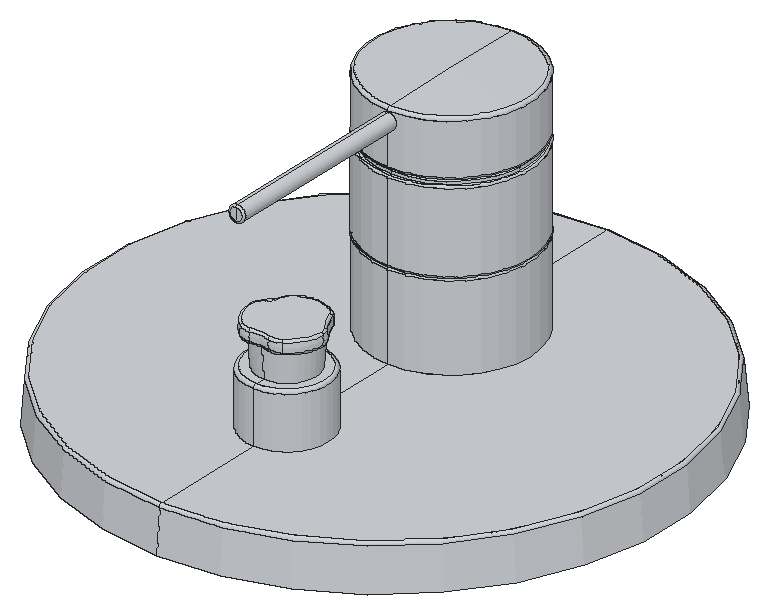
Revit family "Shower-Valve_Trim-KOHLER-Components-K-78019IN", category Specialty Equipment, host Face, Revit 2017
Family settings
  Host = Face
  Round Connector Dimension = Use Diameter
  Part Type = Normal
  OmniClass Number = 23.31.25.00
  OmniClass Title = Toilet and Bath Specialties
  Cut with Voids When Loaded = No
  Shared = No
  Room Calculation Point = No
Parameters (values of type "CP-Polished Chrome")
  Width = 7 11/128"  # constant formula
  WaterSense Certified = 1 = 0  # no
  URL = "https://www.kohler.co.in/"
  Type = 1
  Product Page URL = "https://www.kohler.co.in/product-detail/78019in-4a?skuid=K-78019IN-4A-CP"
  Product Name = "Components"  # constant formula
  Product Documentation Link = ""
  Model = "K-78019IN-4A-CP"  # constant formula
  Material = "Premium Metal Construction"  # constant formula
  Master Format 2014 Name = "Toilet, Bath, and Laundry Accessories"  # constant formula
  Master Format 2014 = "10 28 00"  # constant formula
  Manufacturer Address = "Ambience Office Tower NH-8 Gurgaon / Gurugram Haryana , 122001"  # constant formula
  Manufacturer = "Kohler Co."  # constant formula
  Length = 7 11/128"  # constant formula
  Height = 3 7/16"  # constant formula
  Finish = Kohler-Metal-CP-Polished_Chrome
  Environmental Product Declaration = ""
  Description = "Recessed bath and shower faucet trim in Polished Chrome"  # constant formula
  Default Elevation = 42"
  Declare Label = ""
  Date Modified = "10/22/2020"  # constant formula
  Date Created = "10/22/2020"  # constant formula
  Copyright = "Copyright KOHLER Co."  # constant formula
  Contact Us = "https://www.kohler.co.in/contact-us"
  Assembly Code = "C1030200"
  ADA Compliant = 1 = 0  # no
Reference planes (in)
  plane 1 "Center (Front/Back)": y = 0
  plane 2: z = 0
  plane 3 "Center (Left/Right)": x = 0
  plane 4: y = 3.5433071
  plane 5: y = -3.5426304
  plane 6: x = 3.5433071
  plane 7: x = -3.5426304
  plane 8: y = -2.3031497
  plane 9: y = 1.043307
  plane 10: z = 3.4375
Dimensions and locks (in)
  "Width": plane 7 to plane 6
  "Length": plane 5 to plane 4
  plane 8 to plane 9 = 3.34646"
  "Height": level to plane 10
  aligned and locked: plane 2 to host face
  aligned and locked: level to host face
Automatic sketch dimensions
  host sketch curve to host sketch curve = 96"  (x2)
Nested families (in)
  nested 1: "K-78019IN" at (0, 0, 0), type "K-78019IN"
Definition of nested family "K-78019IN"
  Parameters (values of type "K-78019IN")
    Material = none
  Reference planes (in)
    plane 1 "Center (Front/Back)": y = 0
    plane 2: z = 0
    plane 3 "Center (Left/Right)": x = 0
    plane 4: y = 3.5433071
    plane 5: y = -3.5433071
    plane 6: y = 1.043307
    plane 7: y = -1.5157481
    plane 8: z = 3.4370339
    plane 9: z = 3.2598425
    plane 10: y = -2.3031497
    plane 11: y = 2.027559
    plane 12: z = 0.5511811
    plane 13: z = 1.7609088
    plane 14: x = -3.5433071
    plane 15: x = -0.984252
    plane 16: x = -0.511811
    plane 17: x = 3.5433071
    plane 18: x = 0.984252
    plane 19: x = 0.511811
    plane 20: y = -1.0039371
    plane 21: y = -2.0275591
    plane 22: z = -1.5629921
    plane 23: y = 0.8450109
  Forms (in)
    Revolve 1, solid, material <- "Material", detail levels medium+fine
      sketch origin (0, 0, 0) x (0, 1, 0) y (0, 0, 1)
        loop
          line (0, 0.5511811) -> (0, 0) -> (3.5433071, 0) -> (3.4982292, 0.5152424)
          arc (3.4982292, 0.5152424) -> (3.485607, 0.5408377) -> (3.459009, 0.5511811) r 0.0393701
          line (3.459009, 0.5511811) -> (0, 0.5511811)
        axis (0, 0) -> (0, 0.5511811)
      angle from 0 to 360
    Revolve 2, solid, material <- "Material", detail levels medium+fine
      sketch origin (0, 0, 0) x (0, 1, 0) y (0, 0, 1)
        loop
          arc (-2.2834646, 3.3580214) -> (-2.2973841, 3.3522558) -> (-2.3031497, 3.3383364) r 0.019685
          line (-2.3031497, 3.3383364) -> (-2.3031497, 3.2598425) -> (0.7887519, 3.2598425) -> (0.7887519, 3.3580214) -> (-2.2834646, 3.3580214)
        axis (0.7887519, 3.2598425) -> (-2.3031497, 3.2598425)
      angle from 0 to 360
    Revolve 3, solid, material <- "Material", detail levels medium+fine
      sketch origin (0, 0, 0) x (0, 1, 0) y (0, 0, 1)
        loop
          line (1.043307, 0.2801195) -> (2.027559, 0.2801195) -> (2.027559, 1.6013197)
          arc (2.027559, 1.6013197) -> (2.022537, 1.6159143) -> (2.0095977, 1.6243285) r 0.023718
          arc (2.0095977, 1.6243285) -> (2.0225024, 1.6321887) -> (2.027559, 1.6464275) r 0.0225756
          line (2.027559, 1.6464275) -> (2.027559, 2.6269113)
          arc (2.027559, 2.6269113) -> (2.0217891, 2.6408409) -> (2.0078595, 2.6466108) r 0.0196995
          line (2.0078595, 2.6466108) -> (1.9754087, 2.6466108) -> (1.9754087, 2.6793038) -> (1.9423291, 2.7283465) -> (2.0078739, 2.7283465)
          arc (2.0078739, 2.7283465) -> (2.0217934, 2.7341121) -> (2.027559, 2.7480315) r 0.019685
          line (2.027559, 2.7480315) -> (2.027559, 3.3773582)
          arc (2.027559, 3.3773582) -> (2.0165896, 3.4046237) -> (1.9897941, 3.4166956) r 0.0393701
          arc (1.9897941, 3.4166956) -> (1.516649, 3.4311725) -> (1.043307, 3.4359988) r 23.2140665
          line (1.043307, 3.4359988) -> (1.043307, 0.2801195)
        axis (1.043307, 0.2801195) -> (1.043307, 3.4359988)
      angle from 0 to 360
    Sweep 4, solid, material <- "Material", detail levels medium+fine
      path origin (-0.7300837, -0.1417976, 1.7609088) x (-0.469472, 0.882948, 0) y (-0.882948, -0.469472, 0)
        loop
          arc (-1.3669909, 0.3654727) -> (-1.5505991, 0.4103862) -> (-1.7352831, 0.3701244) r 0.4194451
          arc (-1.7352831, 0.3701244) -> (-1.7736595, 0.3411144) -> (-1.7972606, 0.299194) r 0.117952
          arc (-1.7972606, 0.299194) -> (-1.8517006, 0.174545) -> (-1.930791, 0.0638842) r 0.6527611
          arc (-1.930791, 0.0638842) -> (-1.9590282, 0.0140109) -> (-1.964506, -0.043039) r 0.1376414
          arc (-1.964506, -0.043039) -> (-1.9017453, -0.2210795) -> (-1.7678171, -0.3541231) r 0.4232496
          arc (-1.7678171, -0.3541231) -> (-1.7368926, -0.3661809) -> (-1.7037005, -0.366213) r 0.0900273
          arc (-1.7037005, -0.366213) -> (-1.554952, -0.3524267) -> (-1.4061926, -0.3660945) r 0.8128522
          arc (-1.4061926, -0.3660945) -> (-1.377166, -0.3663392) -> (-1.3498195, -0.3566043) r 0.083261
          arc (-1.3498195, -0.3566043) -> (-1.2125882, -0.2292577) -> (-1.1464543, -0.0541124) r 0.4091178
          arc (-1.1464543, -0.0541124) -> (-1.1512395, 0.0139367) -> (-1.1821952, 0.0747259) r 0.171347
          arc (-1.1821952, 0.0747259) -> (-1.2551379, 0.1831553) -> (-1.3100586, 0.3017356) r 0.8256365
          arc (-1.3100586, 0.3017356) -> (-1.3324858, 0.3389984) -> (-1.3669909, 0.3654727) r 0.1167974
      profile origin (-0.364471, -1.7035599, 1.7609088) x (0.888806, 0.458283, 0) y (0, 0, 1)
        loop
          line (0, 0) -> (-0.031216, 0)
          arc (-0.031216, 0) -> (-0.048527, -0.006264) -> (-0.057821, -0.0221552) r 0.0270519
          arc (-0.057821, -0.0221552) -> (-0.063602, -0.078108) -> (-0.0605, -0.1342731) r 0.3561052
          arc (-0.0605, -0.1342731) -> (-0.0531445, -0.1479519) -> (-0.0386043, -0.1534106) r 0.0220945
          line (-0.0386043, -0.1534106) -> (0, -0.1534106) -> (0, 0)
    Extrusion 5, solid, material <- "Material", detail levels medium+fine
      sketch origin (-0.7300837, -0.1417976, 1.7609088) x (-0.469472, 0.882948, 0) y (-0.882948, -0.469472, 0)
        loop
          arc (-1.7000904, -0.3855642) -> (-1.5549442, -0.3721117) -> (-1.4097873, -0.3854485) r 0.7931672
          arc (-1.4097873, -0.3854485) -> (-1.3738981, -0.385751) -> (-1.3400862, -0.3737146) r 0.102946
          arc (-1.3400862, -0.3737146) -> (-1.1962519, -0.2402406) -> (-1.1269358, -0.056668) r 0.4288028
          arc (-1.1269358, -0.056668) -> (-1.1322708, 0.0191988) -> (-1.1667828, 0.0869717) r 0.191032
          arc (-1.1667828, 0.0869717) -> (-1.2379864, 0.1928158) -> (-1.2915977, 0.3085689) r 0.8059514
          arc (-1.2915977, 0.3085689) -> (-1.3178048, 0.352112) -> (-1.3581254, 0.3830483) r 0.1364825
          arc (-1.3581254, 0.3830483) -> (-1.5695643, 0.4298919) -> (-1.7776791, 0.3699835) r 0.4391302
          arc (-1.7776791, 0.3699835) -> (-1.8015219, 0.3470867) -> (-1.8123647, 0.315859) r 0.0707718
          arc (-1.8123647, 0.315859) -> (-1.8535817, 0.1835444) -> (-1.9438106, 0.0783554) r 0.3428567
          arc (-1.9438106, 0.0783554) -> (-1.9763606, 0.0375918) -> (-1.9865445, -0.0135693) r 0.1103267
          arc (-1.9865445, -0.0135693) -> (-1.9266409, -0.2180052) -> (-1.7782265, -0.3708308) r 0.4429346
          arc (-1.7782265, -0.3708308) -> (-1.7405401, -0.3855251) -> (-1.7000904, -0.3855642) r 0.1097123
      from -0.1534106 to 0
    Revolve 6, solid, material <- "Material", detail levels medium+fine
      sketch origin (0, 0, 0) x (0, 1, 0) y (0, 0, 1)
        loop
          line (-1.5157481, 0.3543307) -> (-1.0039371, 0.3543307) -> (-1.0039371, 1.1929134)
          arc (-1.0039371, 1.1929134) -> (-1.0154683, 1.2207522) -> (-1.0433072, 1.2322835) r 0.0393701
          line (-1.0433072, 1.2322835) -> (-1.1551679, 1.2322835) -> (-1.1246323, 1.6689633) -> (-1.5157481, 1.6689633) -> (-1.5157481, 0.3543307)
        axis (-1.5157481, 1.6689633) -> (-1.5157481, 0.3543307)
      angle from 0 to 360
    Revolve 7, solid, material <- "Material", detail levels coarse
      sketch origin (0, 0, 0) x (0, 1, 0) y (0, 0, 1)
        loop
          line (3.5433071, 0.5511811) -> (0, 0.5511811) -> (0, 0) -> (3.5433071, 0) -> (3.5433071, 0.5511811)
        axis (0, 0.5511811) -> (0, 0)
      angle from 0 to 360
    Revolve 8, solid, material <- "Material", detail levels coarse
      sketch origin (0, 0, 0) x (0, 1, 0) y (0, 0, 1)
        loop
          line (2.027559, 3.4370339) -> (1.043307, 3.4370339) -> (1.043307, 0.2369401) -> (2.027559, 0.2369401) -> (2.027559, 3.4370339)
        axis (1.043307, 0.2369401) -> (1.043307, 3.4370339)
      angle from 0 to 360
    Revolve 9, solid, material <- "Material", detail levels coarse
      sketch origin (0, 0, 0) x (0, 1, 0) y (0, 0, 1)
        loop
          line (-2.3031497, 3.3580186) -> (-2.3031497, 3.2598425) -> (0.144285, 3.2598425) -> (0.144285, 3.3580186) -> (-2.3031497, 3.3580186)
        axis (0.144285, 3.2598425) -> (-2.3031497, 3.2598425)
      angle from 0 to 360
    Revolve 10, solid, material <- "Material", detail levels coarse
      sketch origin (0, 0, 0) x (0, 1, 0) y (0, 0, 1)
        loop
          line (-1.5157481, 0.318392) -> (-1.0039371, 0.318392) -> (-1.0039371, 1.2460881) -> (-1.1044712, 1.2460881) -> (-1.1044712, 1.6074982) -> (-1.0039371, 1.6074982) -> (-1.0039371, 1.7609088) -> (-1.5157481, 1.7609088) -> (-1.5157481, 0.318392)
        axis (-1.5157481, 1.7609088) -> (-1.5157481, 0.318392)
      angle from 0 to 360
  Cuts and joins
    joined: Revolve 1, Revolve 2, Revolve 3, Sweep 4, Extrusion 5, Revolve 6
    joined: Revolve 7, Revolve 8, Revolve 9, Revolve 10
  Lines and regions (in)
    Masking region 1
      outline origin (0, 0, 0) x (1, 0, 0) y (0, 0, 1)
        loop
          line (3.5433071, 0) -> (3.4982292, 0.5152424)
          arc (3.4982292, 0.5152424) -> (3.485607, 0.5408377) -> (3.459009, 0.5511811) r 0.0393701
          line (3.459009, 0.5511811) -> (0.984252, 0.5511811) -> (0.984252, 1.6008548)
          arc (0.984252, 1.6008548) -> (0.9792466, 1.6156333) -> (0.9662907, 1.6243285) r 0.0243197
          arc (0.9662907, 1.6243285) -> (0.9792157, 1.6325089) -> (0.984252, 1.6469522) r 0.0232288
          line (0.984252, 1.6469522) -> (0.984252, 2.6269257)
          arc (0.984252, 2.6269257) -> (0.9784864, 2.6408452) -> (0.9645669, 2.6466108) r 0.019685
          line (0.9645669, 2.6466108) -> (0.9321017, 2.6466108) -> (0.9321017, 2.6793038) -> (0.899022, 2.7283465) -> (0.9645669, 2.7283465)
          arc (0.9645669, 2.7283465) -> (0.9784864, 2.7341121) -> (0.984252, 2.7480315) r 0.019685
          line (0.984252, 2.7480315) -> (0.984252, 3.381477)
          arc (0.984252, 3.381477) -> (0.9732229, 3.4088045) -> (0.9463149, 3.420821) r 0.0393701
          arc (0.9463149, 3.420821) -> (0.7241195, 3.4275592) -> (0.5018584, 3.4315904) r 18.2497382
          arc (0.5018584, 3.4315904) -> (0.3666224, 3.4333717) -> (0.2313908, 3.4354575) r 60.0621143
          arc (0.2313908, 3.4354575) -> (0.1156992, 3.4368089) -> (0, 3.4370339) r 11.883724
          arc (0, 3.4370339) -> (-0.1156992, 3.4368089) -> (-0.2313908, 3.4354575) r 11.883724
          arc (-0.2313908, 3.4354575) -> (-0.3666224, 3.4333717) -> (-0.5018584, 3.4315904) r 60.0621143
          arc (-0.5018584, 3.4315904) -> (-0.7241195, 3.4275592) -> (-0.9463149, 3.420821) r 18.2497382
          arc (-0.9463149, 3.420821) -> (-0.9732229, 3.4088045) -> (-0.984252, 3.381477) r 0.0393701
          line (-0.984252, 3.381477) -> (-0.984252, 2.7480315)
          arc (-0.984252, 2.7480315) -> (-0.9784864, 2.7341121) -> (-0.9645669, 2.7283465) r 0.019685
          line (-0.9645669, 2.7283465) -> (-0.899022, 2.7283465) -> (-0.9321017, 2.6793038) -> (-0.9321017, 2.6466108) -> (-0.9645669, 2.6466108)
          arc (-0.9645669, 2.6466108) -> (-0.9784864, 2.6408452) -> (-0.984252, 2.6269257) r 0.019685
          line (-0.984252, 2.6269257) -> (-0.984252, 1.6469522)
          arc (-0.984252, 1.6469522) -> (-0.9792157, 1.6325089) -> (-0.9662907, 1.6243285) r 0.0232288
          arc (-0.9662907, 1.6243285) -> (-0.9792466, 1.6156333) -> (-0.984252, 1.6008548) r 0.0243197
          line (-0.984252, 1.6008548) -> (-0.984252, 0.5511811) -> (-3.459009, 0.5511811)
          arc (-3.459009, 0.5511811) -> (-3.485607, 0.5408377) -> (-3.4982292, 0.5152424) r 0.0393701
          line (-3.4982292, 0.5152424) -> (-3.5433071, 0) -> (3.5433071, 0)
    Masking region 2
      outline origin (0, 0, 0) x (0, 1, 0) y (0, 0, 1)
        loop
          line (3.5433071, 0) -> (3.4982292, 0.5152424)
          arc (3.4982292, 0.5152424) -> (3.485607, 0.5408377) -> (3.459009, 0.5511811) r 0.0393701
          line (3.459009, 0.5511811) -> (2.027559, 0.5511811) -> (2.027559, 1.6013197)
          arc (2.027559, 1.6013197) -> (2.022537, 1.6159143) -> (2.0095977, 1.6243285) r 0.023718
          arc (2.0095977, 1.6243285) -> (2.0225024, 1.6321887) -> (2.027559, 1.6464275) r 0.0225756
          line (2.027559, 1.6464275) -> (2.027559, 2.6269113)
          arc (2.027559, 2.6269113) -> (2.0217891, 2.6408409) -> (2.0078595, 2.6466108) r 0.0196995
          line (2.0078595, 2.6466108) -> (1.9754087, 2.6466108) -> (1.9754087, 2.6793038) -> (1.9423291, 2.7283465) -> (2.0078739, 2.7283465)
          arc (2.0078739, 2.7283465) -> (2.0217934, 2.7341121) -> (2.027559, 2.7480315) r 0.019685
          line (2.027559, 2.7480315) -> (2.027559, 3.3773582)
          arc (2.027559, 3.3773582) -> (2.0165896, 3.4046237) -> (1.9897941, 3.4166956) r 0.0393701
          line (1.9897941, 3.4166956) -> (1.645313, 3.4307525)
          arc (1.645313, 3.4307525) -> (1.5884883, 3.4322403) -> (1.5316444, 3.4320675) r 1.9457472
          arc (1.5316444, 3.4320675) -> (1.4836086, 3.4319629) -> (1.4355924, 3.4333443) r 1.5526099
          arc (1.4355924, 3.4333443) -> (1.3748973, 3.435175) -> (1.3141747, 3.4352961) r 2.1565271
          arc (1.3141747, 3.4352961) -> (1.2645266, 3.4351682) -> (1.214885, 3.4359844) r 2.6108729
          arc (1.214885, 3.4359844) -> (1.170374, 3.4366571) -> (1.1258588, 3.436365) r 2.0541001
          arc (1.1258588, 3.436365) -> (1.0845786, 3.4361732) -> (1.043307, 3.4370339) r 1.6189468
          arc (1.043307, 3.4370339) -> (1.0020354, 3.4361732) -> (0.9607552, 3.436365) r 1.6189468
          arc (0.9607552, 3.436365) -> (0.9162401, 3.4366571) -> (0.871729, 3.4359844) r 2.0541001
          arc (0.871729, 3.4359844) -> (0.8220874, 3.4351682) -> (0.7724393, 3.4352961) r 2.6108729
          arc (0.7724393, 3.4352961) -> (0.7117167, 3.435175) -> (0.6510216, 3.4333443) r 2.1565271
          arc (0.6510216, 3.4333443) -> (0.6030055, 3.4319629) -> (0.5549696, 3.4320675) r 1.5526099
          arc (0.5549696, 3.4320675) -> (0.4981257, 3.4322403) -> (0.4413011, 3.4307525) r 1.9457472
          line (0.4413011, 3.4307525) -> (0.0968199, 3.4166956)
          arc (0.0968199, 3.4166956) -> (0.0635016, 3.3967987) -> (0.0620527, 3.3580186) r 0.0406546
          line (0.0620527, 3.3580186) -> (-2.2834646, 3.3580186)
          arc (-2.2834646, 3.3580186) -> (-2.2973841, 3.352253) -> (-2.3031497, 3.3383335) r 0.019685
          line (-2.3031497, 3.3383335) -> (-2.3031497, 3.1813515)
          arc (-2.3031497, 3.1813515) -> (-2.2973841, 3.1674321) -> (-2.2834646, 3.1616664) r 0.019685
          line (-2.2834646, 3.1616664) -> (0.059055, 3.1616664) -> (0.059055, 2.7480315)
          arc (0.059055, 2.7480315) -> (0.0648207, 2.7341121) -> (0.0787401, 2.7283465) r 0.019685
          line (0.0787401, 2.7283465) -> (0.144285, 2.7283465) -> (0.1112053, 2.6793038) -> (0.1112053, 2.6466108) -> (0.0787545, 2.6466108)
          arc (0.0787545, 2.6466108) -> (0.0648249, 2.6408409) -> (0.059055, 2.6269113) r 0.0196995
          line (0.059055, 2.6269113) -> (0.059055, 1.6464275)
          arc (0.059055, 1.6464275) -> (0.0641117, 1.6321887) -> (0.0770163, 1.6243285) r 0.0225756
          arc (0.0770163, 1.6243285) -> (0.064077, 1.6159143) -> (0.059055, 1.6013197) r 0.023718
          line (0.059055, 1.6013197) -> (0.059055, 0.5511811) -> (-1.0039371, 0.5511811) -> (-1.0039371, 1.1929134)
          arc (-1.0039371, 1.1929134) -> (-1.0154683, 1.2207522) -> (-1.0433072, 1.2322835) r 0.0393701
          line (-1.0433072, 1.2322835) -> (-1.1551679, 1.2322835) -> (-1.1289303, 1.6074982) -> (-1.0650738, 1.6074982)
          arc (-1.0650738, 1.6074982) -> (-1.0493873, 1.6134585) -> (-1.0416169, 1.6283317) r 0.023622
          arc (-1.0416169, 1.6283317) -> (-1.0386237, 1.6845256) -> (-1.0429526, 1.7406324) r 0.4324555
          arc (-1.0429526, 1.7406324) -> (-1.0508612, 1.7551337) -> (-1.0663365, 1.7609088) r 0.023622
          line (-1.0663365, 1.7609088) -> (-1.9651597, 1.7609088)
          arc (-1.9651597, 1.7609088) -> (-1.980635, 1.7551337) -> (-1.9885436, 1.7406324) r 0.023622
          arc (-1.9885436, 1.7406324) -> (-1.9928725, 1.6845256) -> (-1.9898793, 1.6283317) r 0.4324555
          arc (-1.9898793, 1.6283317) -> (-1.9821089, 1.6134585) -> (-1.9664225, 1.6074982) r 0.023622
          line (-1.9664225, 1.6074982) -> (-1.9025659, 1.6074982) -> (-1.8763283, 1.2322835) -> (-1.988189, 1.2322835)
          arc (-1.988189, 1.2322835) -> (-2.0160279, 1.2207522) -> (-2.0275591, 1.1929134) r 0.0393701
          line (-2.0275591, 1.1929134) -> (-2.0275591, 0.5511811) -> (-3.459009, 0.5511811)
          arc (-3.459009, 0.5511811) -> (-3.485607, 0.5408377) -> (-3.4982292, 0.5152424) r 0.0393701
          line (-3.4982292, 0.5152424) -> (-3.5433071, 0) -> (3.5433071, 0)
    Masking region 3
      outline origin (0, 0, 0) x (1, 0, 0) y (0, 1, 0)
        loop
          circle (0, 0) r 3.5433071
    symbolic lines, detail levels medium+fine
      curve 1: line (0.984252, 0, 0.5511811) -> (-0.984252, 0, 0.5511811)
      curve 2: line (3.4982292, 0, 0.5152424) -> (-3.4982292, 0, 0.5152424)
      curve 3: line (0.9662907, 0, 1.6243285) -> (-0.9662907, 0, 1.6243285)
      curve 4: line (0.984252, 0, 1.6469522) -> (-0.984252, 0, 1.6469522)
      curve 5: line (-0.984252, 0, 1.6008548) -> (0.984252, 0, 1.6008548)
      curve 6: line (0.899022, 0, 2.7283465) -> (-0.899022, 0, 2.7283465)
      curve 7: line (0.984252, 0, 2.7480315) -> (-0.984252, 0, 2.7480315)
      curve 8: line (0.9321017, 0, 2.6793038) -> (-0.9321017, 0, 2.6793038)
      curve 9: line (0.9321017, 0, 2.6466108) -> (-0.9321017, 0, 2.6466108)
      curve 10: line (0.984252, 0, 2.6269257) -> (-0.984252, 0, 2.6269257)
      curve 11: line (0, 1.9423291, 2.7283465) -> (0, 0.144285, 2.7283465)
      curve 12: line (0, 1.9754087, 2.6793038) -> (0, 0.1112053, 2.6793038)
      curve 13: line (0, 1.9754087, 2.6466108) -> (0, 0.1112053, 2.6466108)
      curve 14: line (0, 0.059055, 2.6269113) -> (0, 2.027559, 2.6269113)
      curve 15: line (0, 2.027559, 2.7480315) -> (0, 0.059055, 2.7480315)
      curve 16: line (0, 2.0095977, 1.6243285) -> (0, 0.0770163, 1.6243285)
      curve 17: line (0, 0.059055, 1.6464275) -> (0, 2.027559, 1.6464275)
      curve 18: line (0, 2.027559, 1.6013197) -> (0, 0.059055, 1.6013197)
      curve 19: line (0, 2.027559, 0.5511811) -> (0, 0.059055, 0.5511811)
      curve 20: line (0, 3.4982292, 0.5152424) -> (0, -3.4982292, 0.5152424)
      curve 21: line (0, -1.0039371, 0.5511811) -> (0, -2.0275591, 0.5511811)
      curve 22: line (0, -1.1551679, 1.2322835) -> (0, -1.8763283, 1.2322835)
      curve 23: line (0, -1.0039371, 1.1929134) -> (0, -2.0275591, 1.1929134)
      curve 24: line (0, -1.1289303, 1.6074982) -> (0, -1.9025659, 1.6074982)
      curve 25: arc (0, 0.0620527, 3.3580186) -> (0, 0.0716024, 3.2596738) -> (0, 0.059055, 3.1616664) r 0.4417685
      curve 26: circle (0, 0, 0) r 3.4762522 normal (0, 0, 1)
      curve 27: arc (0.0982535, 0.0639714, 0) -> (0, 2.027559, 0) -> (-0.0982535, 0.0639714, 0) r 0.984252
      curve 28: arc (-0.0979199, 0.0819905, 0) -> (0.0001676, 0.0770163, 0) -> (0.0982535, 0.0820245, 0) r 0.9662907
      curve 29: line (-0.0982535, 0.0820245, 0) -> (-0.0982535, 0.0639714, 0)
      curve 30: line (-0.0785684, -2.3031497, 0) -> (0.0785684, -2.3031497, 0)
      curve 31: arc (-0.0982535, -2.2834646, 0) -> (-0.0924879, -2.2973841, 0) -> (-0.0785684, -2.3031497, 0) r 0.019685
      curve 32: line (0.0982535, 0.0820245, 0) -> (0.0982535, 0.0639714, 0)
      curve 33: arc (0.0982535, -2.2834646, 0) -> (0.0924879, -2.2973841, 0) -> (0.0785684, -2.3031497, 0) r 0.019685
      curve 34: arc (0.0982535, 0.0820245, 0) -> (-0.0001676, 2.0095977, 0) -> (-0.0979199, 0.0819905, 0) r 0.9662907
      curve 35: line (-0.0982535, 0.0639714, 0) -> (-0.0982535, -1.8869687, 0)
      curve 36: line (0.0982535, 0.0639714, 0) -> (0.0982535, -1.08946, 0)
      curve 37: arc (-0.0982535, -1.0134566, 0) -> (-0.511811, -1.5157481, 0) -> (-0.0982535, -2.0180396, 0) r 0.511811
      curve 38: arc (-0.4688915, -1.5842449, 0) -> (-0.412905, -1.7462479, 0) -> (-0.305187, -1.8795756, 0) r 0.4967155
      curve 39: arc (-0.4688915, -1.5842449, 0) -> (-0.4757812, -1.5105787, 0) -> (-0.4562041, -1.4392281, 0) r 0.2060445
      curve 40: arc (-0.4562041, -1.4392281, 0) -> (-0.4489016, -1.4254273, 0) -> (-0.4405623, -1.412227, 0) r 0.2034839
      curve 41: arc (-0.4163898, -1.3832193, 0) -> (-0.3596457, -1.3136485, 0) -> (-0.3184024, -1.2339052, 0) r 0.4347204
      curve 42: arc (-0.3184024, -1.2339052, 0) -> (-0.2761863, -1.1572332, 0) -> (-0.215749, -1.0939232, 0) r 0.3390423
      curve 43: arc (-0.215749, -1.0939232, 0) -> (-0.1605613, -1.0629653, 0) -> (-0.0982535, -1.0519286, 0) r 0.1892692
      curve 44: arc (-0.305187, -1.8795756, 0) -> (-0.2466828, -1.9169397, 0) -> (-0.1797688, -1.9354154, 0) r 0.2330637
      curve 45: arc (-0.1797688, -1.9354154, 0) -> (-0.1571304, -1.935684, 0) -> (-0.134961, -1.9310922, 0) r 0.1049688
      curve 46: arc (-0.134961, -1.9310922, 0) -> (-0.1168253, -1.9270384, 0) -> (-0.0982535, -1.9263852, 0) r 0.1007261
      curve 47: arc (0.4688915, -1.5842449, 0) -> (0.412905, -1.7462479, 0) -> (0.305187, -1.8795756, 0) r 0.4967155
      curve 48: arc (0.2179974, -1.0931836, 0) -> (0.2713171, -1.1271826, 0) -> (0.3091606, -1.177846, 0) r 0.1758361
      curve 49: arc (0.171756, -1.0713576, 0) -> (0.1945811, -1.0828968, 0) -> (0.2179974, -1.0931836, 0) r 0.4722983
      curve 50: arc (0.0982535, -1.0499615, 0) -> (0.1361424, -1.0567513, 0) -> (0.171756, -1.0713576, 0) r 0.1820007
      curve 51: arc (0.3145039, -1.18969, 0) -> (0.3429746, -1.2674264, 0) -> (0.379648, -1.3416462, 0) r 0.7679371
      curve 52: arc (0.379648, -1.3416462, 0) -> (0.4135511, -1.3954509, 0) -> (0.4525971, -1.4456483, 0) r 0.6438109
      curve 53: arc (0.305187, -1.8795756, 0) -> (0.251528, -1.9168413, 0) -> (0.1909894, -1.9413996, 0) r 0.2953615
      curve 54: arc (0.1909894, -1.9413996, 0) -> (0.1603756, -1.9458892, 0) -> (0.1296291, -1.9424223, 0) r 0.1203099
      curve 55: arc (0.1296291, -1.9424223, 0) -> (0.1140343, -1.9391399, 0) -> (0.0982535, -1.9369176, 0) r 0.2359581
      curve 56: arc (0.1530485, -1.1059991, 0) -> (0.1777763, -1.1185002, 0) -> (0.2031445, -1.1296444, 0) r 0.5116683
      curve 57: arc (0.2031445, -1.1296444, 0) -> (0.2475779, -1.1589547, 0) -> (0.2774178, -1.2030342, 0) r 0.136466
      curve 58: arc (0.0982535, -1.08946, 0) -> (0.1264891, -1.0949527, 0) -> (0.1530485, -1.1059991, 0) r 0.1426306
      curve 59: arc (-0.1910188, -1.1245569, 0) -> (-0.1474472, -1.1000874, 0) -> (-0.0982535, -1.0913001, 0) r 0.1498991
      curve 60: arc (-0.281752, -1.248284, 0) -> (-0.244438, -1.1805152, 0) -> (-0.1910188, -1.1245569, 0) r 0.2996722
      curve 61: arc (-0.3886135, -1.4111206, 0) -> (-0.3267304, -1.3352492, 0) -> (-0.281752, -1.248284, 0) r 0.4740904
      curve 62: arc (-0.4207246, -1.4562928, 0) -> (-0.4065897, -1.4323414, 0) -> (-0.3886135, -1.4111206, 0) r 0.1641138
      curve 63: arc (-0.4303837, -1.5756981, 0) -> (-0.4366525, -1.5150977, 0) -> (-0.4207246, -1.4562928, 0) r 0.1666744
      curve 64: arc (-0.4303837, -1.5756981, 0) -> (-0.3790344, -1.7261417, 0) -> (-0.279291, -1.8499209, 0) r 0.4573455
      curve 65: arc (-0.279291, -1.8499209, 0) -> (-0.2306695, -1.8809733, 0) -> (-0.1750589, -1.896328, 0) r 0.1936936
      curve 66: arc (-0.147057, -1.8936263, 0) -> (-0.1229501, -1.8881359, 0) -> (-0.0982535, -1.8869687, 0) r 0.1400962
      curve 67: arc (0.279291, -1.8499209, 0) -> (0.2327844, -1.8822194, 0) -> (0.1803153, -1.9035042, 0) r 0.2559915
      curve 68: arc (0.4309124, -1.5722091, 0) -> (0.3798828, -1.7245947, 0) -> (0.279291, -1.8499209, 0) r 0.4573455
      curve 69: arc (0.4197422, -1.4678023, 0) -> (0.4413937, -1.5182868, 0) -> (0.4309124, -1.5722091, 0) r 0.0933735
      curve 70: arc (0.3453431, -1.3609639, 0) -> (0.3799918, -1.4161594, 0) -> (0.4197422, -1.4678023, 0) r 0.683181
      curve 71: arc (0.2774178, -1.2030342, 0) -> (0.3071645, -1.2838123, 0) -> (0.3453431, -1.3609639, 0) r 0.8073072
      curve 72: arc (0.1390345, -1.9041922, 0) -> (0.1187725, -1.9000079, 0) -> (0.0982535, -1.8973569, 0) r 0.2753282
      curve 73: arc (-0.1750589, -1.896328, 0) -> (-0.1609114, -1.8964959, 0) -> (-0.147057, -1.8936263, 0) r 0.0655987
      curve 74: arc (0.1803153, -1.9035042, 0) -> (0.1597195, -1.9065246, 0) -> (0.1390345, -1.9041922, 0) r 0.0809398
      curve 75: line (-0.0982535, -1.8869687, 0) -> (-0.0982535, -2.2834646, 0)
      curve 76: line (0.0982535, -1.8973569, 0) -> (0.0982535, -2.2834646, 0)
      curve 77: line (0.0982535, -1.08946, 0) -> (0.0982535, -1.8973569, 0)
      curve 78: arc (0.3091606, -1.177846, 0) -> (0.4037718, -1.299585, 0) -> (0.4526239, -1.4458216, 0) r 0.4579936
      curve 79: arc (-0.2761863, -1.1572332, 0) -> (-0.3803782, -1.2705457, 0) -> (-0.4405623, -1.412227, 0) r 0.4525614
      curve 80: arc (0.3091606, -1.177846, 0) -> (0.3119417, -1.1837186, 0) -> (0.3145039, -1.18969, 0) r 0.1758361
      curve 81: arc (0.4526239, -1.4458216, 0) -> (0.4803864, -1.5127265, 0) -> (0.4688915, -1.5842449, 0) r 0.1327436
      curve 82: arc (-0.4405623, -1.412227, 0) -> (-0.4291504, -1.3971613, 0) -> (-0.4163898, -1.3832193, 0) r 0.2034839
      curve 83: arc (0.0982535, -2.0180396, 0) -> (0.511811, -1.5157481, 0) -> (0.0982535, -1.0134566, 0) r 0.511811
  Dimensions and locks (in)
    locked: plane 4 to plane 5 at 7.0866142
    locked: plane 4 to plane 1 "Center (Front/Back)" at 3.5433071
    locked: plane 8 to level at 3.4370339
    locked: plane 6 to plane 10 at 3.3464567
    locked: plane 18 to plane 15 at 1.9685039
    locked: plane 17 to plane 14 at 7.0866142
    locked: plane 20 to plane 21 at 1.023622
    aligned and locked: plane 2 to level
